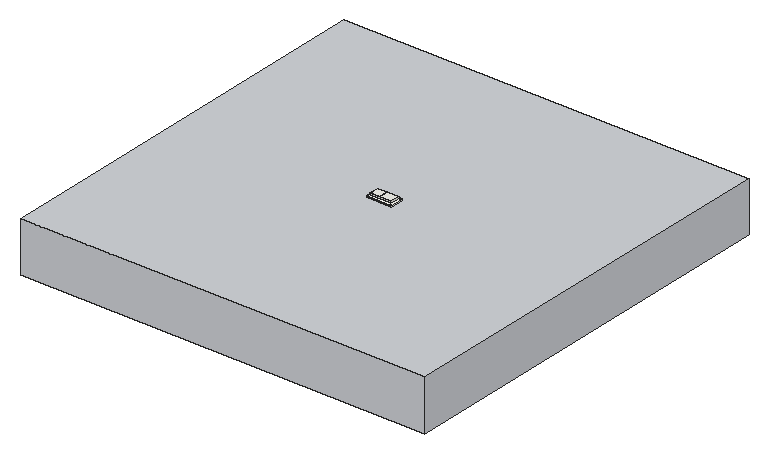
Revit family "1239 112", category Elektroinstallationen, Revit 2017
Family settings
  Basisbauteil = Fläche
  Beschriftungsausrichtung beibehalten = Ja
  Bemaßung runder Anschluss = Durchmesser verwenden
  Teiletyp = Normal
  Beim Laden mit Abzugskörper schneiden = Nein
  Gemeinsam genutzt = Nein
  Raumberechnungspunkt = Nein
Parameters
  Zusatzgerät anreihbar = no
  Werkstoff = "Sonstige"
  Verbindung mit Smartphone möglich = no
  URL = "https://www.gira.de/"
  Typname = "Wohnungsstation Video AP Plus Flächenschalter Reinweiß"
  Schaltfunktionen = yes
  Rufunterscheidung = yes
  Rufabschaltung = yes
  Produktseite = "https://katalog.gira.de/de_DE/download.html?artikelnr=1239112"
  Montageart = "auf Putz"
  Mit Video = yes
  Mit Türöffnerautomatik = yes
  Mit Touchscreen = no
  Mit Memory-Funktion = no
  Material = Pure White Shiny
  Default Elevation = 1219.2 mm
  Lautstärkeregelung = yes
  Ist Zubehör = no
  Ist System = no
  Internkommunikation = yes
  Installationstechnik = "Bus-System"
  Hörgerätekompatibel = no
  Hersteller = "Gira"
  HeinzeBIM = "https://www.heinze.de/bim/wohnungsstation-video-ap-plus-flaechenschalter-reinweiss/5f70bf52d744a33e3b5cbc137560fd46e879e757"
  HAN = "1239112"
  GTIN = "4,01034E+12"
  Funktions-Lampen = yes
  Farbe = "weiß"
  Datenblatt = "http://katalog.gira.de/de_DE/datenblatt.html?artikelnr=1239112"
  Bildsystem = "PAL"
  Beschreibung = "Wohnungsstation Video AP Plus  Reinweiß glänzend Merkmale: - Bei Verwendung je einer Spannungsversorgung für Türkommunikation können bis zu 28 Wohnungsstationen Video AP parallel genutzt werden. - Die Wohnungsstation Video AP Plus erkennt automatisch, ob eine Spannungsversorgung für Türkommunikation angeschlossen ist. Eine Brücke zwischen ZV und BUS ist nicht notwendig. - Farbdisplay mit LED-Hintergrundbeleuchtung. - OSD Funktion, d. h. Texteinblendung im Display zur Statusanzeige und Menüführung. - Kapazitive Bedientasten mit integrierten Leuchtdioden zur Zustandsanzeige: Die Tasten werden durch leichte Berührung bedient. - Zuschaltbare Türöffnerautomatik: bei eingeschalteter Funktion wird der Türöffner nach Betätigung der Türstationsruftaste automatisch angesteuert. - Automatische Rufannahme: direktes Hineinsprechen oder -hören in einen Raum nach Internruf. - Gebührenfreier hausinterner Sprechverkehr mit bis zu zehn weiteren Wohnungsstationen. Die Bedientasten der Wohnungsstation Video AP Plus steuern die folgenden Funktionen:: - Manuelles Ein- und Ausschalten des TFT-Farbdisplays. - Kameraumschaltung - gezielte Anwahl der angeschlossenen Farbkameras. Im Display erfolgt die Textanzeige, welche Kamera aktuell angesteuert wird. - Schalten von Licht und anderen Funktionen in Verbindung mit dem Schaltaktor oder dem Unterputz-Schaltaktor. - Ansteuerung des Türöffners. - Rufton ein- und ausschalten. - Rufannahme. - Aktivierung der Durchsetzfunktion. - Einstellung von Rufton- und Sprechlautstärke. Funktionen im Endkundenmenü: - Internruf, Schalthandlung, Ruftonmelodie, Helligkeit, Farbsättigung, Kontrast, Einschaltzeit des Displays, Sprache (21 Sprachen wählbar), Tastentöne, Türöffnerautomatik (nach Installateurfreigabe), automatische Rufannahme (nach Installateurfreigabe). Zusätzliche Funktionen im Installateurmenü:: - Einstellung Haupt- Nebendisplay, Frequenzeinstellung, Terminierung der Leitung, Versionsanzeige, Werkseinstellung, Display ein- bzw. ausschalten, LED-Beleuchtung ein- bzw. ausschalten, Ruftastenzuordnung, Internruf zuordnen, Freigaben für Türöffnerautomatik und automatische Rufannahme. - Karten-Slot für SD-Speicherkarte. - SD-Speicherkarte. Neue zusätzliche Funktionen im Endkundenmenü:: - Interner Bildspeicher (nach Installateurfreigabe) für bis zu 48 Bilder. Manueller Übertrag interner zu externner Bildspeicher (SD-Speicherkarte). Bildspeicher manuell löschen. Manuellen Schnappschuss auslösen. Schalthandlungen und Internrufe umbenennen. Datum Uhrzeit ändern. Neue zusätzliche Funktionen im Installateurmenü:: - Freigabe des internen Bildspeichers. Einstellen des Bildintervals und der Aufnahmegeschwindigkeit. Datum Uhrzeit einstellen. Eigenschaften der SD-Speicherkarte:: - Verzeichnis für zehn Klingeltöne, davon fünf frei konfigurierbar im WAVE-Format. Ordner für externen Bildspeicher (max. 200 Bilder).  Hinweise : - Montage ohne Abdeckrahmen oder mit Abdeckrahmen 2fach ohne Mittelsteg aus den Schalterprogrammen System 55, Flächenschalter oder Gira E22 möglich."
  Bedienung Türöffner = yes
  BIMSITE_PRODUCT_ID = "5f70bf52d744a33e3b5cbc137560fd46e879e757"
  BIM = ""
  Abhörsicher = yes
Reference planes
  plane 1 "Center (Front/Back)": y = 0
  plane 2: z = 0
  plane 3 "Center (Left/Right)": x = 0
Forms (mm)
  Extrusion 1, solid
    sketch origin (0, 0, 0) x (1, 0, 0) y (0, 1, 0)
      loop
        line (-1219.2, 1219.2) -> (-1219.2, -1219.2) -> (1219.2, -1219.2) -> (1219.2, 1219.2) -> (-1219.2, 1219.2)
    from 0 to -304.8
  Extrusion 2, solid, material "Pure White Shiny" <- "Material", detail levels fine
    sketch origin (0, 0, 0) x (1, 0, 0) y (0, 1, 0)
      loop
        line (59.4, -25.35) -> (59.4, 25.35) -> (-59.4, 25.35) -> (-59.4, -25.35) -> (59.4, -25.35)
      loop
        line (-10.198, -11) -> (10.198, -11)
        arc (10.198, -11) -> (0, 15) -> (-10.198, -11) r 15
      loop
        arc (-27.996, -3.34) -> (-28.191, 0.465) -> (-27.871, 4.262) r 28.195
        arc (-27.871, 4.262) -> (-29.382, 6.319) -> (-31.44, 4.808) r 1.805
        arc (-31.44, 4.808) -> (-31.802, 0.448) -> (-31.563, -3.92) r 31.805
        arc (-31.563, -3.92) -> (-28.911, -8.966) -> (-27.996, -3.34) r 3.005
      loop
        arc (27.996, 3.34) -> (28.191, -0.465) -> (27.871, -4.262) r 28.195
        arc (27.871, -4.262) -> (29.382, -6.319) -> (31.44, -4.808) r 1.805
        arc (31.44, -4.808) -> (31.802, -0.448) -> (31.563, 3.92) r 31.805
        arc (31.563, 3.92) -> (28.911, 8.966) -> (27.996, 3.34) r 3.005
      loop
        line (-53.5, 13.003) -> (-53.5, 6.997)
        arc (-53.5, 6.997) -> (-51.25, 4.747) -> (-49, 6.997) r 2.25
        line (-49, 6.997) -> (-49, 13.003)
        arc (-49, 13.003) -> (-51.25, 15.253) -> (-53.5, 13.003) r 2.25
      loop
        arc (52.003, -20.5) -> (54.253, -18.25) -> (52.003, -16) r 2.25
        line (52.003, -16) -> (45.997, -16)
        arc (45.997, -16) -> (43.747, -18.25) -> (45.997, -20.5) r 2.25
        line (45.997, -20.5) -> (52.003, -20.5)
    from 0.4 to 2
  Extrusion 3, solid, material "Pure White Shiny" <- "Material", detail levels fine
    sketch origin (0, 0, 0) x (1, 0, 0) y (0, 1, 0)
      loop
        spline (-63.045, 29.795) -> (-63.345, 29.775) -> (-63.64, 29.716) -> (-63.925, 29.62) -> (-64.195, 29.487) -> (-64.445, 29.32) -> (-64.671, 29.121) -> (-64.87, 28.895) -> (-65.037, 28.645) -> (-65.17, 28.375) -> (-65.266, 28.09) -> (-65.325, 27.795) -> (-65.345, 27.495)
        line (-65.345, 27.495) -> (-65.345, -27.495)
        spline (-65.345, -27.495) -> (-65.325, -27.795) -> (-65.266, -28.09) -> (-65.17, -28.375) -> (-65.037, -28.645) -> (-64.87, -28.895) -> (-64.671, -29.121) -> (-64.445, -29.32) -> (-64.195, -29.487) -> (-63.925, -29.62) -> (-63.64, -29.716) -> (-63.345, -29.775) -> (-63.045, -29.795)
        line (-63.045, -29.795) -> (63.045, -29.795)
        spline (63.045, -29.795) -> (63.345, -29.775) -> (63.64, -29.716) -> (63.925, -29.62) -> (64.195, -29.487) -> (64.445, -29.32) -> (64.671, -29.121) -> (64.87, -28.895) -> (65.037, -28.645) -> (65.17, -28.375) -> (65.266, -28.09) -> (65.325, -27.795) -> (65.345, -27.495)
        line (65.345, -27.495) -> (65.345, 27.495)
        spline (65.345, 27.495) -> (65.325, 27.795) -> (65.266, 28.09) -> (65.17, 28.375) -> (65.037, 28.645) -> (64.87, 28.895) -> (64.671, 29.121) -> (64.445, 29.32) -> (64.195, 29.487) -> (63.925, 29.62) -> (63.64, 29.716) -> (63.345, 29.775) -> (63.045, 29.795)
        line (63.045, 29.795) -> (-63.045, 29.795)
      loop
        line (59.7, 25.7) -> (-59.7, 25.7) -> (-59.7, -25.7) -> (59.7, -25.7) -> (59.7, 25.7)
    from 1.8 to 6
  Extrusion 4, solid, material "Pure White Shiny" <- "Material", detail levels fine
    sketch origin (0, 0, 0) x (1, 0, 0) y (0, 1, 0)
      loop
        line (72.392, 40.342) -> (-72.392, 40.342)
        arc (-72.392, 40.342) -> (-74.867, 39.317) -> (-75.892, 36.842) r 3.5
        line (-75.892, 36.842) -> (-75.892, -36.842)
        arc (-75.892, -36.842) -> (-74.867, -39.317) -> (-72.392, -40.342) r 3.5
        line (-72.392, -40.342) -> (72.392, -40.342)
        arc (72.392, -40.342) -> (74.867, -39.317) -> (75.892, -36.842) r 3.5
        line (75.892, -36.842) -> (75.892, 36.842)
        arc (75.892, 36.842) -> (74.867, 39.317) -> (72.392, 40.342) r 3.5
      loop
        arc (-74.038, -36.488) -> (-73.452, -37.902) -> (-72.038, -38.488) r 2
        line (-72.038, -38.488) -> (72.038, -38.488)
        arc (72.038, -38.488) -> (73.452, -37.902) -> (74.038, -36.488) r 2
        line (74.038, -36.488) -> (74.038, 36.488)
        arc (74.038, 36.488) -> (73.452, 37.902) -> (72.038, 38.488) r 2
        line (72.038, 38.488) -> (-72.038, 38.488)
        arc (-72.038, 38.488) -> (-73.452, 37.902) -> (-74.038, 36.488) r 2
        line (-74.038, 36.488) -> (-74.038, -36.488)
    from 0 to 6
  SweptBlend 5, solid, material "Pure White Shiny" <- "Material", detail levels fine
    path in 3D
      loop
        line (0.283, 0, 11.378) -> (0.283, 0, 6)
    profile origin (0.283, 0, 11.378) x (0, -1, 0) y (1, 0, 0)
      loop
        arc (-28.1, -63.433) -> (-27.954, -63.786) -> (-27.6, -63.933) r 0.5
        line (-27.6, -63.933) -> (27.6, -63.933)
        arc (27.6, -63.933) -> (27.954, -63.786) -> (28.1, -63.433) r 0.5
        line (28.1, -63.433) -> (28.1, 62.867)
        arc (28.1, 62.867) -> (27.954, 63.221) -> (27.6, 63.367) r 0.5
        line (27.6, 63.367) -> (-27.6, 63.367)
        arc (-27.6, 63.367) -> (-27.954, 63.221) -> (-28.1, 62.867) r 0.5
        line (-28.1, 62.867) -> (-28.1, -63.433)
    end profile origin (0.283, 0, 6) x (0, -1, 0) y (1, 0, 0)
      loop
        arc (-40.342, -72.675) -> (-39.317, -75.15) -> (-36.842, -76.175) r 3.5
        line (-36.842, -76.175) -> (36.842, -76.175)
        arc (36.842, -76.175) -> (39.317, -75.15) -> (40.342, -72.675) r 3.5
        line (40.342, -72.675) -> (40.342, 72.11)
        arc (40.342, 72.11) -> (39.317, 74.585) -> (36.842, 75.61) r 3.5
        line (36.842, 75.61) -> (-36.842, 75.61)
        arc (-36.842, 75.61) -> (-39.317, 74.585) -> (-40.342, 72.11) r 3.5
        line (-40.342, 72.11) -> (-40.342, -72.675)
  Extrusion 6, solid, material "Pure White Shiny" <- "Material", detail levels fine
    sketch origin (0, 0, 0) x (1, 0, 0) y (0, 0, 1)
      loop
        line (-7.889, 19.5) -> (-62.817, 19.5) -> (-62.817, 11.378) -> (62.817, 11.378) -> (62.817, 20.7) -> (-7.889, 20.7) -> (-7.889, 19.5)
    from -27.32 to 27.3
  Extrusion 7, solid, material "Pure White Shiny" <- "Material", detail levels fine
    sketch origin (0, 0, 0) x (1, 0, 0) y (0, 0, 1)
      loop
        line (-62.383, 20.7) -> (-62.383, 19.7) -> (-8.183, 19.7) -> (-8.183, 20.7) -> (-62.383, 20.7)
    from -27.3 to 27.3
  Extrusion 8, solid, material "Pure White Shiny" <- "Material", detail levels fine
    sketch origin (0, 0, 0) x (1, 0, 0) y (0, 0, 1)
      loop
        line (-62.032, 19.7) -> (-62.032, 18.7) -> (-8.237, 18.7) -> (-8.237, 19.7) -> (-62.032, 19.7)
    from -27 to 27
  Extrusion 9, solid, material "Pure White Shiny" <- "Material", detail levels medium
    sketch origin (0, 0, 0) x (1, 0, 0) y (0, 1, 0)
      loop
        line (72.392, 40.342) -> (-72.392, 40.342)
        arc (-72.392, 40.342) -> (-74.867, 39.317) -> (-75.892, 36.842) r 3.5
        line (-75.892, 36.842) -> (-75.892, -36.842)
        arc (-75.892, -36.842) -> (-74.867, -39.317) -> (-72.392, -40.342) r 3.5
        line (-72.392, -40.342) -> (72.392, -40.342)
        arc (72.392, -40.342) -> (74.867, -39.317) -> (75.892, -36.842) r 3.5
        line (75.892, -36.842) -> (75.892, 36.842)
        arc (75.892, 36.842) -> (74.867, 39.317) -> (72.392, 40.342) r 3.5
    from 0 to 11.378
  Extrusion 10, solid, material "Pure White Shiny" <- "Material", detail levels medium
    sketch origin (0, 0, 0) x (1, 0, 0) y (0, 1, 0)
      loop
        line (62.817, 27.32) -> (-62.817, 27.32) -> (-62.817, -27.32) -> (62.817, -27.32) -> (62.817, 27.32)
    from 11.379 to 20.7
  Extrusion 11, solid, material "Pure White Shiny" <- "Material", detail levels coarse
    sketch origin (0, 0, 0) x (1, 0, 0) y (0, 1, 0)
      loop
        line (-75.892, 40.342) -> (-75.892, -40.342) -> (75.892, -40.342) -> (75.892, 40.342) -> (-75.892, 40.342)
    from 0 to 20.7
Lines and regions (mm)
  sketch lines
    curve 1: line (0.283, 0, 11.378) -> (0.283, 0, 6)
Dimensions and locks
  aligned and locked: plane 2 to Extrusion 1
  aligned and locked: level to Extrusion 1
  aligned and locked: plane 3 "Center (Left/Right)" to nested 1
  aligned and locked: plane 1 "Center (Front/Back)" to nested 1
Nested families
  nested 1: "RJ45 Daten-Doppeldose - Beschriftung" at (0, 0, 0), type "RJ45 Daten-Doppeldose - Beschriftung"
Definition of nested family "RJ45 Daten-Doppeldose - Beschriftung"
  Reference planes
    plane 1: y = 0
    plane 2: x = 0
  Lines and regions (mm)
    Filled region 1, type "Gefüllter Bereich 1"
      outline origin (0, 0, 0) x (1, 0, 0) y (0, 1, 0)
        loop
          circle (-0.6, 2.4) r 0.4
    Filled region 2, type "Gefüllter Bereich 1"
      outline origin (0, 0, 0) x (1, 0, 0) y (0, 1, 0)
        loop
          circle (0.6, 2.4) r 0.4
    detail lines
      curve 1: line (0, 0, 0) -> (0, 2, 0)
      curve 2: line (0, 2, 0) -> (1.6, 2, 0)
      curve 3: line (1.6, 2, 0) -> (1.6, 3.6, 0)
      curve 4: circle (0.6, 2.4, 0) r 0.4 normal (0, 0, 1)
      curve 5: line (0, 2, 0) -> (-1.6, 2, 0)
      curve 6: line (-1.6, 2, 0) -> (-1.6, 3.6, 0)
      curve 7: circle (-0.6, 2.4, 0) r 0.4 normal (0, 0, -1)
